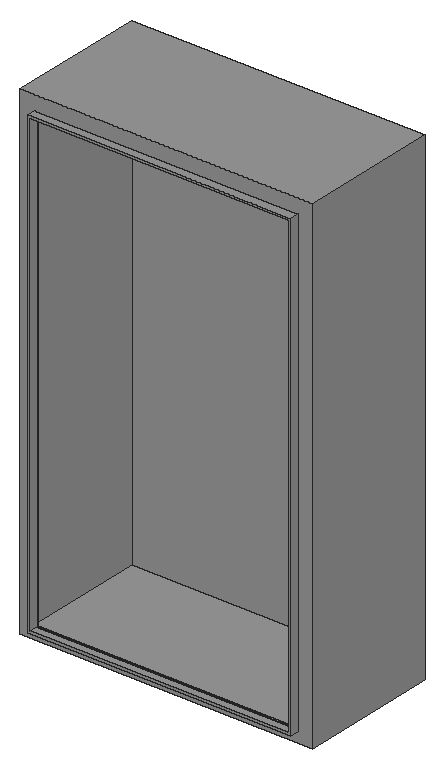
Revit family "Hager-Univers-IP30-D161-3rows-Cl.II-FWB_encl_empty-NoHosted-CH-it", category Electrical Equipment, Revit 2020
Family settings
  Panel Configuration = Two Columns, Circuits Across
  Round Connector Dimension = Use Diameter
  Part Type = Panelboard
  Work Plane-Based = Yes
  Always vertical = Yes
  Cut with Voids When Loaded = No
  Shared = No
  Room Calculation Point = No
Parameters (values of type "A parete IP30 L300 A500 P161  - FWB31D1")
  Width Control [instance] = if([EF000008 - Larghezza] > Min Width, [EF000008 - Larghezza], Min Width)  # 300 mm
  Type Comments = [HG000003 - Gamma]  # "Univers"
  Thickness Door [instance] = if([EF009171 - spessore materiale porta/coperchio] > 3 mm, 3 mm, [EF009171 - spessore materiale porta/coperchio])  # 2 mm
  Seal Frame Offset [instance] = 17 mm  # constant formula
  Plinth Visibility [instance] = [HG000027 - Altezza dello zoccolo] > 0 mm  # no
  Min Width [instance] = 100 mm  # constant formula
  Min Depth [instance] = (2 * [EF009170 - spessore materiale scatola]) + 1 mm  # 5 mm
  Min Height [instance] = 100 mm  # constant formula
  Internal Frame Depth [instance] = (Door System Depth * 0.5)  # 9 mm
  Panel Name [instance] = ""  # (empty or 0)
  Model = ""
  HG000027 - Altezza dello zoccolo = 0 mm
  HG000026 - A pavimento = no
  HG000024 - Altezza della sezione inferiore = 600 mm
  HG000023 - Custodia a doppia sezione = no
  HG000016 - Visibilità delle porte nella vista 3D [instance] = yes
  HG000015 - Visibilità attraverso la porta [instance] = no
  HG000014 - Porta destra [instance] = yes
  HG000013 - Porta sinistra [instance] = not([HG000014 - Porta destra])  # no
  HG000012 - Angolo di apertura della porta [instance] = 30.00°
  HG000010 - Porte asimmetriche = no
  HG000009 - Porta doppia a battente = no
  HG000006 - Ad incasso = no
  HG000004 - Codice produttore = "FWB31D1"
  HG000003 - Gamma = "Univers"
  HG000002 - Con porta = no
  Frame Offset Bottom [instance] = 10 mm  # constant formula
  Frame Offset [instance] = 15 mm  # constant formula
  EF015940 - Coprire con rilascio di sovrapressione = no
  EF011959 - tipo di protezione (NEMA) = ""
  EF009554 - numero delle aperture per la piastra della flangia = 2
  EF009212 - esecuzione coperchio = "EV009916 - con taglio"
  EF009171 - spessore materiale porta/coperchio = 2 mm
  EF009170 - spessore materiale scatola = 2 mm
  EF008873 - corrente nominale (In) = 125 A
  EF007800 - adatto per parafulmine = no
  EF006306 - con serratura = no
  EF006244 - coperchio/porta trasparente = no
  EF005474 - grado di protezione (IP) = "EV006410 - IP30"
  EF004464 - tipo di porta = "EV000494 - senza"
  EF004427 - numero di moduli = 36
  EF004293 - resistenza agli urti = "EV006815 - IK09"
  EF003532 - adatto per uso esterno = no
  EF002950 - Numero moduli DIN = 12
  EF001613 - Integrità del circuito = "EV000494 - senza"
  EF001596 - Attacco Lampada = "EV000179 - acciaio"
  EF001131 - profondità interna = 156 mm
  EF001088 - possibilità di applicazione = yes
  EF000437 - numero di ingressi per conduttori = 4
  EF000339 - tipo di copertura = "EV000494 - senza"
  EF000266 - numero di file = 0
  EF000218 - profondità di incasso = 0 mm
  EF000118 - con piastra di montaggio = no
  EF000116 - numero RAL = "9010"
  EF000049 - profondità = 161 mm
  EF000040 - Altezza = 500 mm
  EF000008 - Larghezza = 300 mm
  EF000007 - colore = "EV000202 - bianco"
  EF000003 - Tipo di montaggio = "EV000384 - A parete"
  Door System Leaf Tolerance [instance] = 1.5 mm  # constant formula
  Door System Depth [instance] = 18 mm  # constant formula
  Door Height [instance] = Height Control - [HG000027 - Altezza dello zoccolo]  # 500 mm
  Description = ""
  Default Elevation = 1219.2 mm
  Connector Offset [instance] = Height Control / 2  # 250 mm
  Manufacturer = "Hager"  # constant formula
  Height Control [instance] = if([EF000040 - Altezza] > Min Height, [EF000040 - Altezza], Min Height)  # 500 mm
  Depth Control [instance] = if([EF000049 - profondità] > Min Depth, [EF000049 - profondità], Min Depth)  # 161 mm
  Bottom Top Plate Trim [instance] = 1.5 mm  # constant formula
  Plinth height Ctrl [instance] = if([HG000027 - Altezza dello zoccolo] > 0 mm, [HG000027 - Altezza dello zoccolo], 12 mm)  # 12 mm
Reference planes
  plane 1 "Center (Front/Back)": y = 0
  plane 2: z = 0
  plane 3 "Center (Left/Right)": x = 0
  plane 4: y = 0
  plane 5: y = 0
  plane 6: z = 0
  plane 7: x = -150
  plane 8: x = 150
  plane 9: x = 148
  plane 10: x = -148
  plane 11: z = 0
  plane 12: z = 2
  plane 13: y = -161
  plane 14: y = -2
  plane 15: x = 0
  plane 16: y = -143
  plane 17: y = -159
  plane 18: y = -141
  plane 19: x = -133
  plane 20: x = 133
  plane 21: z = 12
  plane 22: x = -133
  plane 23: x = 133
  plane 24: z = 0
  plane 25: z = 500
  plane 26: z = 500
  plane 27: z = 483
  plane 28: z = 498
Forms (mm)
  Extrusion 1, solid, material "Hager_Steel_RAL7035_Light_Grey", detail levels medium+fine
    sketch origin (-208.679, -4572, 0) x (-1, 0, 0) y (0, -1, 0)
      loop
        line (-58.679, -4429) -> (-358.679, -4429) -> (-358.679, -4572) -> (-58.679, -4572) -> (-58.679, -4429)
    from 0 to 500
  Extrusion 2, void
    sketch origin (-350.771, -161, 1219.2) x (1, 0, 0) y (0, 0, 1)
      loop
        line (202.771, -721.2) -> (202.771, -1217.2) -> (498.771, -1217.2) -> (498.771, -721.2) -> (202.771, -721.2)
    from -20 to -159
  Extrusion 3, void
    sketch origin (-290.084, -143, 1219.2) x (1, 0, 0) y (0, 0, 1)
      loop
        line (157.084, -1207.2) -> (423.084, -1207.2) -> (423.084, -736.2) -> (157.084, -736.2) -> (157.084, -1207.2)
    from 0 to -2
  Extrusion 4, solid, material "Hager_Steel_RAL7035_Light_Grey", visible <- "Plinth Visibility", detail levels medium+fine
    sketch origin (0, 0, 0) x (1, 0, 0) y (0, 1, 0)
      loop
        line (-150, 0) -> (-150, -143) -> (150, -143) -> (150, 0) -> (-150, 0)
    from 0 to 12 <- "Plinth height Ctrl"
  Extrusion 5, solid, material "Hager_Steel_RAL7035_Light_Grey", detail levels coarse
    sketch origin (0, 0, 0) x (1, 0, 0) y (0, 1, 0)
      loop
        line (-150, 0) -> (-150, -161) -> (150, -161) -> (150, 0) -> (-150, 0)
    from 0 to 500 <- "Height Control"
  Sweep 6, void
    path in 3D
      loop
        line (-150, -143, 12) -> (150, -143, 12) -> (150, 0, 12) -> (-150, 0, 12) -> (-150, -143, 12)
    profile origin (-150, -71.5, 12) x (1, 0, 0) y (0, 0, 1)
      loop
        line (0, 0) -> (0, -1.5) -> (1.5, -1.5)
        arc (1.5, -1.5) -> (1.061, -0.439) -> (0, 0) r 1.5
  Extrusion 7, solid, material "Hager_Steel_RAL7035_Light_Grey", detail levels fine
    sketch origin (-150, -143, 0) x (1, 0, 0) y (0, 0, 1)
      loop
        line (17, 12) -> (283, 12) -> (283, 483) -> (17, 483) -> (17, 12)
      loop
        line (15, 10) -> (285, 10) -> (285, 485) -> (15, 485) -> (15, 10)
    from 0 to 9 <- "Internal Frame Depth"
Cuts and joins
  Extrusion 2, Extrusion 3 cuts Extrusion 1
  Sweep 6 cuts Extrusion 4
Lines and regions (mm)
  Masking region 1
    outline origin (0, 0, 0) x (1, 0, 0) y (0, 1, 0)
      loop
        line (-150, 0) -> (-150, -161) -> (150, -161) -> (150, 0) -> (-150, 0)
  Masking region 2, detail levels coarse
    outline origin (-290.084, -143, 1219.2) x (-1, 0, 0) y (0, 0, 1)
      loop
        line (-440.084, -1219.2) -> (-140.084, -1219.2) -> (-140.084, -719.2) -> (-440.084, -719.2) -> (-440.084, -1219.2)
  Masking region 3, detail levels coarse
    outline origin (0, 0, 0) x (0, 1, 0) y (0, 0, 1)
      loop
        line (0, 0) -> (0, 500) -> (-161, 500) -> (-161, 0) -> (0, 0)
  Masking region 4, visible <- "Plinth Visibility", detail levels medium+fine
    outline origin (0, 0, 0) x (0, 1, 0) y (0, 0, 1)
      loop
        line (-1.5, 12) -> (-141.5, 12)
        arc (-141.5, 12) -> (-141.939, 10.939) -> (-143, 10.5) r 1.5
        line (-143, 10.5) -> (-143, 0) -> (0, 0) -> (0, 10.5)
        arc (0, 10.5) -> (-1.061, 10.939) -> (-1.5, 12) r 1.5
  Masking region 5, detail levels medium+fine
    outline origin (0, 0, 594.038) x (0, 1, 0) y (0, 0, 1)
      loop
        line (0, -594.038) -> (0, -94.038) -> (-143, -94.038) -> (-143, -594.038) -> (0, -594.038)
  Masking region 6, detail levels medium+fine
    outline origin (-359.7, -143, 1211.883) x (-1, 0, 0) y (0, 0, 1)
      loop
        line (-509.7, -1211.883) -> (-209.7, -1211.883) -> (-209.7, -711.883) -> (-509.7, -711.883) -> (-509.7, -1211.883)
  Masking region 7, visible <- "Plinth Visibility", detail levels medium+fine
    outline origin (-320.334, -143, 1041.368) x (-1, 0, 0) y (0, 0, 1)
      loop
        line (-470.334, -1041.368) -> (-170.334, -1041.368) -> (-170.334, -1030.868)
        arc (-170.334, -1030.868) -> (-171.394, -1030.429) -> (-171.834, -1029.368) r 1.5
        line (-171.834, -1029.368) -> (-468.834, -1029.368)
        arc (-468.834, -1029.368) -> (-469.273, -1030.429) -> (-470.334, -1030.868) r 1.5
        line (-470.334, -1030.868) -> (-470.334, -1041.368)
  sketch lines
    curve 1: line (-150, 0, 12) -> (-150, -143, 12)
    curve 2: line (-150, -143, 12) -> (150, -143, 12)
    curve 3: line (150, 0, 12) -> (-150, 0, 12)
    curve 4: line (150, -143, 12) -> (150, 0, 12)
Dimensions and locks
  locked: plane 1 "Center (Front/Back)" to plane 5
  "EF009170 - spessore materiale scatola": plane 7 to plane 10
  "EF009170 - spessore materiale scatola": plane 8 to plane 9
  equal spacing: plane 7, plane 3 "Center (Left/Right)", plane 8
  "Width Control": plane 7 to plane 8
  "Depth Control": plane 4 to plane 13
  "EF009170 - spessore materiale scatola": plane 4 to plane 14
  "Height Control": plane 25 to level
  "HG000027 - Altezza dello zoccolo": plane 11 to level
  "EF009170 - spessore materiale scatola": plane 12 to plane 11
  "EF009170 - spessore materiale scatola": plane 17 to plane 13
  "EF009170 - spessore materiale scatola": plane 18 to plane 16
  "Frame Offset Bottom": plane 21 to plane 12
  "Frame Offset": plane 10 to plane 19
  "Frame Offset": plane 9 to plane 20
  "Door System Depth": plane 16 to plane 13
  "Seal Frame Offset": plane 7 to plane 22
  "Seal Frame Offset": plane 8 to plane 23
  "EF009170 - spessore materiale scatola": plane 26 to plane 28
  "Frame Offset": plane 28 to plane 27
  "Connector Offset": plane 2 to connector elem
  "Bottom Top Plate Trim": profile plane to Sweep 6 sketch curve
  "Bottom Top Plate Trim": Sweep 6 sketch curve to Sweep 6 sketch curve
  "Plinth height Ctrl": Masking region 4 sketch curve to level
  "Plinth height Ctrl": Masking region 7 sketch curve to level
  "Thickness Door": Extrusion 7 sketch curve to Extrusion 7 sketch curve  (x4)
  "Bottom Top Plate Trim": radius of Sweep 6 sketch curve
  "Bottom Top Plate Trim": radius of Masking region 4 sketch curve  (x2)
  "Bottom Top Plate Trim": radius of Masking region 7 sketch curve  (x2)
  aligned and locked: plane 12 to Extrusion 2 sketch curve
  aligned and locked: Extrusion 2 sketch curve to plane 9
  aligned and locked: Extrusion 2 sketch curve to plane 10
  aligned and locked: plane 14 to Extrusion 2
  aligned and locked: plane 4 to Extrusion 1 sketch curve
  aligned and locked: plane 8 to Extrusion 1 sketch curve
  aligned and locked: plane 7 to Extrusion 1 sketch curve
  aligned and locked: Extrusion 2 to plane 18
  aligned and locked: plane 19 to Extrusion 3 sketch curve
  aligned and locked: plane 20 to Extrusion 3 sketch curve
  aligned and locked: Extrusion 3 to Extrusion 2
  aligned and locked: Extrusion 3 sketch curve to plane 21
  aligned and locked: plane 3 "Center (Left/Right)" to nested 1
  aligned and locked: Extrusion 1 sketch curve to plane 16
  aligned and locked: Extrusion 4 sketch curve to cut or joined group of Extrusion 1, Extrusion 2, Extrusion 3
  aligned and locked: Masking region 1 sketch curve to plane 7
  aligned and locked: Masking region 1 sketch curve to plane 5
  aligned and locked: Masking region 1 sketch curve to plane 8
  aligned and locked: Masking region 2 sketch curve to level
  aligned and locked: level to Masking region 3 sketch curve
  aligned and locked: plane 1 "Center (Front/Back)" to Masking region 3 sketch curve
  aligned and locked: plane 13 to Masking region 3 sketch curve
  aligned and locked: plane 5 to Masking region 4 sketch curve
  aligned and locked: Masking region 2 sketch curve to plane 8
  aligned and locked: Masking region 2 sketch curve to plane 7
  aligned and locked: plane 7 to nested 2
  aligned and locked: nested 2 to plane 5
  aligned and locked: plane 5 to Masking region 5 sketch curve
  aligned and locked: plane 26 to Masking region 5 sketch curve
  aligned and locked: Extrusion 5 sketch curve to plane 8
  aligned and locked: Extrusion 5 sketch curve to plane 7
  aligned and locked: Extrusion 5 sketch curve to plane 5
  aligned and locked: plane 27 to Extrusion 3 sketch curve
  aligned and locked: Extrusion 2 sketch curve to plane 28
  aligned and locked: Masking region 2 to plane 25
  aligned and locked: Extrusion 4 to plane 16
  aligned and locked: profile plane to Sweep 6 sketch curve
  aligned and locked: Masking region 5 sketch curve to plane 24
  aligned and locked: level to Masking region 4 sketch curve
  aligned and locked: Masking region 1 to plane 13
  aligned and locked: nested 1 to plane 16
  aligned and locked: Masking region 3 to plane 25
  aligned and locked: plane 16 to Masking region 4 sketch curve
  aligned and locked: Masking region 5 sketch curve to plane 16
  aligned and locked: plane 24 to plane 11
  aligned and locked: plane 26 to plane 25
  aligned and locked: plane 26 to cut or joined group of Extrusion 1, Extrusion 2, Extrusion 3
  aligned and locked: nested 1 to plane 24
  aligned and locked: Extrusion 1 to Extrusion 3
  aligned and locked: Masking region 6 sketch curve to plane 8
  aligned and locked: plane 24 to Masking region 6 sketch curve
  aligned and locked: Masking region 6 sketch curve to plane 7
  aligned and locked: Masking region 6 sketch curve to plane 26
  aligned and locked: Masking region 7 sketch curve to plane 7
  aligned and locked: level to Masking region 7 sketch curve
  aligned and locked: Masking region 7 sketch curve to plane 8
  aligned and locked: Extrusion 7 sketch curve to cut or joined group of Extrusion 1, Extrusion 2, Extrusion 3  (x4)
Automatic sketch dimensions
  plane 19 to Extrusion 3 sketch curve = 0 mm
  Extrusion 3 sketch curve to plane 20 = 0 mm
  Extrusion 3 sketch curve to plane 21 = 0 mm
  Extrusion 4 sketch curve to plane 7 = 0 mm
  Extrusion 4 sketch curve to plane 8 = 0 mm
  Extrusion 4 sketch curve to plane 16 = 0 mm
  Masking region 1 sketch curve to plane 13 = 0 mm
  Masking region 2 sketch curve to plane 25 = 0 mm
  Masking region 3 sketch curve to plane 25 = 0 mm
  Extrusion 5 sketch curve to plane 13 = 0 mm
  profile plane to Sweep 6 sketch curve = 0 mm
Nested families
  nested 1: "EC000058_Univers_Door" at (0, -143, 0), Double <- "HG000009 - Porta doppia a battente", Transparent <- "EF006244 - coperchio/porta trasparente", Angle <- "HG000012 - Angolo di apertura della porta", Door_Right <- "HG000014 - Porta destra", Assymetrical <- "HG000010 - Porte asimmetriche", Door <- "HG000002 - Con porta", Width_Ctrl <- "Width Control", 3d_Door <- "HG000016 - Visibilità delle porte nella vista 3D", Clearance <- "HG000015 - Visibilità attraverso la porta", Door_Left <- "HG000013 - Porta sinistra", Width <- "Width Control", Door_Depth <- "Door System Depth", Leaf_Tolerance <- "Door System Leaf Tolerance", Height <- "Door Height", Lock_Visibility <- "EF006306 - con serratura", Thickness <- "Thickness Door", type "EC000058_Univers_Door", detail levels medium+fine
    with min_wh 5 mm, Width_Ctrl 300 mm, Width 300 mm, Transparent no, Thickness 2 mm, Seal_Material Hager_Rubber, Lock_Visibility no, Lock_Material Hager_Plastic_RAL9005_Jet_Black, Leaf_Width 300 mm, Leaf_Tolerance_External_Sides 0 mm, Leaf_Tolerance 1.5 mm, Leaf_Offset 0 mm, Leaf_Height 497 mm, Leaf_2_Width 300 mm, Leaf_2_Offset 150 mm, Leaf_1_Width 300 mm, Leaf_1_Offset 150 mm, Height_Ctrl 500 mm, Height 500 mm, Glass_Material Hager_Glass, Double_Clearance_Ctrl no, Double no, Door_Right_Ctrl no, Door_Right yes, Door_Material Hager_Steel_RAL7035_Light_Grey, Door_Left_Ctrl no, Door_Left no, Door_Depth 18 mm, Door no, Clearance_Material Hager_Clearance, Clearance_Depth 300 mm, Clearance_Ctrl no, Clearance no, Assymetrical no, Angle 30.00°, 3d_Door yes
  nested 2: "Hager_Enclosure_Symbol" at (-150, 0, 0), Height <- "Depth Control", Width <- "Width Control", type "Hager_Enclosure_Symbol"
    with Width_Ctrl 300 mm, Width 300 mm, Height_Ctrl 161 mm, Height 161 mm, A_Width_Int 10.566 mm, A_Width 126.788 mm, A_Height_Ctrl 140.875 mm, A_Height 140.875 mm
Connectors
  electrical at (0, 0, 250)
    settings: on plane 1 "Center (Front/Back)", index 1, voltage 0 V, apparent load 0 VA, apparent load phase1 0 VA, apparent load phase2 0 VA, apparent load phase3 0 VA, power factor 1, load classification "Other", number of poles 1, system type 30, power factor state 1, is connector primary yes, connector utility no, sub classification motor no, connector description ""
Definition of nested family "EC000058_Univers_Door"
  Parameters (values of type "EC000058_Univers_Door")
    min_wh [instance] = (2 * Thickness) + 1 mm  # 11 mm
    Width_Ctrl [instance] = 400 mm
    Width [instance] = 500 mm
    Transparent [instance] = yes
    Thickness [instance] = 5 mm
    Seal_Material [instance] = none
    Lock_Visibility [instance] = yes
    Lock_Material [instance] = none
    Leaf_Width [instance] = if((Width_Ctrl - 2 * Leaf_Tolerance_External_Sides) > 0 mm, (Width_Ctrl - 2 * Leaf_Tolerance_External_Sides), min_wh)  # 400 mm
    Leaf_Tolerance_External_Sides [instance] = 0 mm  # constant formula
    Leaf_Tolerance [instance] = 1.5 mm
    Leaf_Offset [instance] = 0 mm  # constant formula
    Leaf_Height [instance] = if((Height_Ctrl - 2 * Leaf_Tolerance) > 0 mm, (Height_Ctrl - 2 * Leaf_Tolerance), min_wh)  # 497 mm
    Leaf_2_Width [instance] = if(and(and(Double, Assymetrical), Door_Left), (Leaf_Width / 3) - (Leaf_Tolerance / 2), if(and(and(Double, Assymetrical), Door_Right), (Leaf_Width / 3) * 2 - (Leaf_Tolerance / 2), if(and(Double, not(Assymetrical)), (Leaf_Width / 2) - Leaf_Tolerance, Leaf_Width)))  # 400 mm
    Leaf_2_Offset [instance] = if(and(Double, Assymetrical), Leaf_2_Width / 2, if(and(Double, not(Assymetrical)), Leaf_Width / 4, Leaf_Width / 2))  # 200 mm
    Leaf_1_Width [instance] = if(and(and(Double, Assymetrical), Door_Right), (Leaf_Width / 3) - (Leaf_Tolerance / 2), if(and(and(Double, Assymetrical), Door_Left), (Width / 3) * 2 - (Leaf_Tolerance / 2), if(and(Double, not(Assymetrical)), (Leaf_Width / 2) - Leaf_Tolerance, Leaf_Width)))  # 400 mm
    Leaf_1_Offset [instance] = if(and(Double, Assymetrical), Leaf_1_Width / 2, if(and(Double, not(Assymetrical)), Leaf_Width / 4, Leaf_Width / 2))  # 200 mm
    Height_Ctrl [instance] = if(Height > min_wh, Height, min_wh)  # 500 mm
    Height [instance] = 500 mm
    Glass_Material [instance] = none
    Double_Clearance_Ctrl [instance] = and(Double, Clearance)  # no
    Double [instance] = no
    Door_Right_Ctrl [instance] = and(or(Door_Right, Double), Door)  # yes
    Door_Right [instance] = yes
    Door_Material [instance] = none
    Door_Left_Ctrl [instance] = and(or(Door_Left, Double), Door)  # no
    Door_Left [instance] = no
    Door_Depth [instance] = 30 mm
    Door [instance] = yes
    Default Elevation = 1219.2 mm
    Clearance_Material [instance] = none
    Clearance_Depth [instance] = if(Leaf_1_Width > Leaf_2_Width, Leaf_1_Width, Leaf_2_Width)  # 400 mm
    Clearance_Ctrl [instance] = and(not(Double), Clearance)  # yes
    Clearance [instance] = yes
    Assymetrical [instance] = yes
    Angle [instance] = 30.00°
    3d_Door [instance] = yes
  Reference planes
    plane 1 "Center (Front/Back)": y = 0
    plane 2 "Bottom": z = 0
    plane 3 "Center (Left/Right)": x = 0
    plane 4: z = 500
    plane 5: x = -200
    plane 6: x = 200
    plane 7: z = 500
    plane 8: x = -200
    plane 9: z = 0
    plane 10: x = 200
    plane 11: y = 0
    plane 12: z = 1.5
    plane 13: x = -600
    plane 14: y = -400
    plane 15: x = 600
    plane 16: x = 0
    plane 17: x = 0
    plane 18: x = -200
    plane 19: x = 200
    plane 20: z = 498.5
  Forms (mm)
    Extrusion 1, solid, material <- "Clearance_Material", visible <- "Double_Clearance_Ctrl"
      sketch origin (1200, 0, 0) x (1, 0, 0) y (0, 0, -1)
        loop
          line (-1800, -498.5) -> (-600, -498.5) -> (-600, 0) -> (-1800, 0) -> (-1800, -498.5)
      from 0 to -400
  Dimensions and locks
    equal spacing: plane 5, plane 3 "Center (Left/Right)", plane 6
    "Width_Ctrl": plane 5 to plane 6
    "Leaf_Offset": plane 5 to plane 8
    "Leaf_Offset": plane 6 to plane 10
    "Leaf_Offset": plane 9 to level
    "Leaf_Offset": plane 4 to plane 7
    "Height_Ctrl": plane 4 to level
    "Leaf_Tolerance": plane 12 to plane 9
    locked: plane 11 to plane 1 "Center (Front/Back)"
    "Leaf_1_Offset": plane 18 to plane 16
    "Leaf_2_Offset": plane 17 to plane 19
    "Leaf_1_Width": plane 13 to plane 8
    "Leaf_2_Width": plane 10 to plane 15
    "Clearance_Depth": plane 14 to plane 1 "Center (Front/Back)"
    "Leaf_Tolerance_External_Sides": plane 8 to plane 18
    "Leaf_Tolerance_External_Sides": plane 19 to plane 10
    "Leaf_Tolerance": plane 7 to plane 20
    aligned and locked: level to plane 2 "Bottom"
    aligned and locked: nested 1 to plane 16
    aligned and locked: nested 2 to plane 17
    aligned and locked: Extrusion 1 to plane 13
    aligned and locked: plane 15 to Extrusion 1
    aligned and locked: Extrusion 1 to plane 14
    aligned and locked: plane 12 to nested 1
    aligned and locked: nested 2 to plane 12
    aligned and locked: Extrusion 1 to plane 11
    aligned and locked: plane 20 to Extrusion 1
    aligned and locked: nested 2 to plane 11
    aligned and locked: nested 1 to plane 11
  Automatic sketch dimensions
    Extrusion 1 sketch curve to level = 0 mm
    plane 5 to Extrusion 1 sketch curve = 400 mm
    plane 6 to Extrusion 1 sketch curve = 400 mm
    Extrusion 1 sketch curve to plane 4 = 1.5 mm
  Nested families
    nested 1: "EC000058_Univers_Door_Leaf" at (0, 0, 1.5), Width <- "Leaf_1_Width", visible <- "Door_Left_Ctrl", Leaf_Height <- "Leaf_Height", Angle <- "Angle", 3d_Door <- "3d_Door", Transparent <- "Transparent", Clearance Material <- "Clearance_Material", Clearance <- "Clearance_Ctrl", Door_Material <- "Door_Material", Glass_Material <- "Glass_Material", Door_Depth <- "Door_Depth", Lock_Material <- "Lock_Material", Seal_Material <- "Seal_Material", Lock_Visibility <- "Lock_Visibility", Thickness <- "Thickness", type "EC000058_Univers_Door_Leaf"
      with Width 400 mm, Transparent_Glass_Offset 30 mm, Transparent_Ctrl yes, Transparent yes, Thickness 5 mm, Standard no, Seal_Material none, Seal_D2 8 mm, Seal_D1 1 mm, Offset_Internal_Frame 10 mm, Lock_Width 20 mm, Lock_Visibility_3d yes, Lock_Visibility yes, Lock_Thickness_3 3 mm, Lock_Thickness_2 1 mm, Lock_Thickness_1 3 mm, Lock_Radius_Offset_2 16 mm, Lock_Radius_Offset_1 15 mm, Lock_Radius_2 5 mm, Lock_Radius 6 mm, Lock_Offset 5 mm, Lock_Material none, Lock_Height 80 mm, Lock_Cover_Top_Offset_2d 17 mm, Lock_Cover_Height -65 mm, Leaf_Height 497 mm, Internal_Seal_Thickness 8 mm, Internal_Seal_Depth_2 4.5 mm, Internal_Frame_Depth 25 mm, Glass_Thickness -1 mm, Glass_Offset -2 mm, Glass_Material none, Door_Material none, Door_Depth 30 mm, Clearance Material none, Clearance yes, Angle_Ctrl 30.00°, Angle 30.00°, 3d_Door yes
    nested 2: "EC000058_Univers_Door_Leaf" at (0, 0, 1.5) x (-1, 0, 0) z (0, 0, 1), Width <- "Leaf_2_Width", visible <- "Door_Right_Ctrl", Leaf_Height <- "Leaf_Height", Angle <- "Angle", 3d_Door <- "3d_Door", Transparent <- "Transparent", Clearance Material <- "Clearance_Material", Clearance <- "Clearance_Ctrl", Door_Material <- "Door_Material", Glass_Material <- "Glass_Material", Door_Depth <- "Door_Depth", Lock_Material <- "Lock_Material", Seal_Material <- "Seal_Material", Lock_Visibility <- "Lock_Visibility", Thickness <- "Thickness", type "EC000058_Univers_Door_Leaf"
      with Width 400 mm, Transparent_Glass_Offset 30 mm, Transparent_Ctrl yes, Transparent yes, Thickness 5 mm, Standard no, Seal_Material none, Seal_D2 8 mm, Seal_D1 1 mm, Offset_Internal_Frame 10 mm, Lock_Width 20 mm, Lock_Visibility_3d yes, Lock_Visibility yes, Lock_Thickness_3 3 mm, Lock_Thickness_2 1 mm, Lock_Thickness_1 3 mm, Lock_Radius_Offset_2 16 mm, Lock_Radius_Offset_1 15 mm, Lock_Radius_2 5 mm, Lock_Radius 6 mm, Lock_Offset 5 mm, Lock_Material none, Lock_Height 80 mm, Lock_Cover_Top_Offset_2d 17 mm, Lock_Cover_Height -65 mm, Leaf_Height 497 mm, Internal_Seal_Thickness 8 mm, Internal_Seal_Depth_2 4.5 mm, Internal_Frame_Depth 25 mm, Glass_Thickness -1 mm, Glass_Offset -2 mm, Glass_Material none, Door_Material none, Door_Depth 30 mm, Clearance Material none, Clearance yes, Angle_Ctrl 30.00°, Angle 30.00°, 3d_Door yes
  Definition of nested family "EC000058_Univers_Door_Leaf"
    Parameters (values of type "EC000058_Univers_Door_Leaf")
      Width [instance] = 2000 mm
      Transparent_Glass_Offset [instance] = 30 mm
      Transparent_Ctrl [instance] = and(Transparent, [3d_Door])  # yes
      Transparent [instance] = yes
      Thickness [instance] = 5 mm
      Standard [instance] = and(not(Transparent), [3d_Door])  # no
      Seal_Material [instance] = none
      Seal_D2 [instance] = 8 mm  # constant formula
      Seal_D1 [instance] = 1 mm  # constant formula
      Offset_Internal_Frame [instance] = 10 mm  # constant formula
      Lock_Width [instance] = 20 mm  # constant formula
      Lock_Visibility_3d [instance] = and(Lock_Visibility, [3d_Door])  # yes
      Lock_Visibility [instance] = yes
      Lock_Thickness_3 [instance] = 3 mm  # constant formula
      Lock_Thickness_2 [instance] = 1 mm  # constant formula
      Lock_Thickness_1 [instance] = 3 mm  # constant formula
      Lock_Radius_Offset_2 [instance] = Lock_Radius_Offset_1 + 1 mm  # 16 mm
      Lock_Radius_Offset_1 [instance] = 15 mm  # constant formula
      Lock_Radius_2 [instance] = Lock_Radius - 1 mm  # 5 mm
      Lock_Radius [instance] = 6 mm  # constant formula
      Lock_Offset [instance] = 5 mm  # constant formula
      Lock_Material [instance] = none
      Lock_Height [instance] = 80 mm  # constant formula
      Lock_Cover_Top_Offset_2d [instance] = Lock_Radius_Offset_2 + 1 mm  # 17 mm
      Lock_Cover_Height [instance] = -(Lock_Height - Lock_Radius_Offset_1)  # -65 mm
      Leaf_Height [instance] = 2720.336 mm
      Internal_Seal_Thickness [instance] = 8 mm  # constant formula
      Internal_Seal_Depth_2 [instance] = 4.5 mm  # constant formula
      Internal_Frame_Depth [instance] = if(Door_Depth - Thickness > 5 mm, Door_Depth - Thickness, 5 mm)  # 25 mm
      Glass_Thickness [instance] = if(Thickness > 15 mm, Glass_Offset + 10 mm, -1 mm)  # -1 mm
      Glass_Offset [instance] = if(Thickness > 15 mm, -(Thickness + 10 mm) / 2, -2 mm)  # -2 mm
      Glass_Material [instance] = none
      Door_Material [instance] = none
      Door_Depth [instance] = 30 mm
      Default Elevation = 0 mm
      Clearance Material [instance] = none
      Clearance [instance] = yes
      Angle_Ctrl [instance] = if(Angle > 180.00°, 180.00°, Angle)  # 90.00°
      Angle [instance] = 90.00°
      3d_Door [instance] = yes
    Reference planes
      plane 1 "Center (Front/Back)": y = 0
      plane 2: z = 0
      plane 3 "Center (Left/Right)": x = 0
      plane 4: y = 2000
      plane 5: x = -1000
      plane 6: x = 1000
      plane 7: x = -3000
      plane 8: z = 2720.336
      plane 9: z = 30
      plane 10: z = 2690.336
      plane 11: x = 970
      plane 12: x = -970
      plane 13: y = -3
      plane 14: z = 107.833
      plane 15: y = -5
      plane 16: y = -223.314
      plane 17: x = -1000
      plane 18: z = 1360.168
      plane 19: y = 30
    Forms (mm)
      Extrusion 1, solid, material <- "Clearance Material", visible <- "Clearance"
        sketch origin (0, 0, 0) x (1, 0, 0) y (0, 0, 1)
          loop
            line (-3000, 2720.336) -> (-3000, 0) -> (1000, 0) -> (1000, 2720.336) -> (-3000, 2720.336)
        from 0 to -2000
      Extrusion 2, solid, material <- "Door_Material", visible <- "Standard", detail levels medium+fine
        sketch origin (-1000, 0, 0) x (0, 1, 0) y (-1, 0, 0)
          loop
            line (0, 30) -> (0, 25) -> (2000, 25) -> (2000, 30) -> (0, 30)
        from 0 to 2720.336 <- "Leaf_Height"
      Extrusion 3, solid, material <- "Door_Material", visible <- "Transparent_Ctrl", detail levels medium+fine
        sketch origin (-1000, 0, 0) x (0, 1, 0) y (-1, 0, 0)
          loop
            line (0, 25) -> (2000, 25) -> (2000, 30) -> (0, 30) -> (0, 25)
        from 0 to 2720.336 <- "Leaf_Height"
      Extrusion 4, void
        sketch origin (-1025, 2000, 0) x (0, 1, 0) y (0, 0, -1)
          loop
            line (-30, -2690.336) -> (-30, -30) -> (-1970, -30) -> (-1970, -2690.336) -> (-30, -2690.336)
        from 0 to 5 <- "Thickness"
      Sweep 5, solid, material <- "Seal_Material", visible <- "Transparent_Ctrl", detail levels fine
        path in 3D
          loop
            line (-1025, 30, 30) -> (-1025, 30, 2690.336) -> (-1025, 1970, 2690.336) -> (-1025, 1970, 30) -> (-1025, 30, 30)
        profile origin (-1025, 1000, 30) x (1, 0, 0) y (0, 0, 1)
          loop
            line (0, 0) -> (0, -8) -> (1, -8) -> (1, 0) -> (0, 0)
      Extrusion 6, solid, material <- "Glass_Material", visible <- "Transparent_Ctrl", detail levels medium+fine
        sketch origin (-1030, 0, 0) x (0, 1, 0) y (0, 0, -1)
          loop
            line (1970, -2690.336) -> (1970, -30) -> (30, -30) -> (30, -2690.336) -> (1970, -2690.336)
        from -2 <- "Glass_Offset" to -1 <- "Glass_Thickness"
      Extrusion 7, solid, material <- "Door_Material", visible <- "3d_Door", detail levels medium+fine
        sketch origin (-1025, 2000, 0) x (0, -1, 0) y (0, 0, -1)
          loop
            line (0, -2720.336) -> (2000, -2720.336) -> (2000, 0) -> (0, 0) -> (0, -2720.336)
          loop
            line (1995, -5) -> (5, -5) -> (5, -2715.336) -> (1995, -2715.336) -> (1995, -5)
        from 0 to 25 <- "Internal_Frame_Depth"
      Sweep 8, solid, material <- "Seal_Material", visible <- "Transparent_Ctrl", detail levels fine
        path in 3D
          loop
            line (-1025, 0, 0) -> (-1025, 2000, 0) -> (-1025, 2000, 2720.336) -> (-1025, 0, 2720.336) -> (-1025, 0, 0)
        profile origin (-1025, 0, 1360.168) x (1, 0, 0) y (0, 1, 0)
          loop
            line (0, 10) -> (2.975, 10)
            arc (2.975, 10) -> (4.053, 10.447) -> (4.5, 11.525) r 1.525
            line (4.5, 11.525) -> (4.5, 16.527)
            arc (4.5, 16.527) -> (4.069, 17.569) -> (3.027, 18) r 1.473
            line (3.027, 18) -> (0, 18) -> (0, 10)
      Extrusion 9, solid, material <- "Lock_Material", visible <- "Lock_Visibility_3d", detail levels fine
        sketch origin (-1030, 0, 0) x (0, 1, 0) y (0, 0, -1)
          loop
            arc (1993.5, -1400.168) -> (1994.561, -1399.729) -> (1995, -1398.668) r 1.5
            line (1995, -1398.668) -> (1995, -1320.168) -> (1975, -1320.168) -> (1975, -1398.668)
            arc (1975, -1398.668) -> (1975.439, -1399.729) -> (1976.5, -1400.168) r 1.5
            line (1976.5, -1400.168) -> (1993.5, -1400.168)
        from 3 <- "Lock_Thickness_1" to 0
      Blend 10, solid, material <- "Lock_Material", visible <- "Lock_Visibility_3d", detail levels fine
        base sketch origin (-1033, 0, 0) x (0, 1, 0) y (0, 0, -1)
          loop
            line (1975, -1320.168) -> (1975, -1398.668)
            arc (1975, -1398.668) -> (1975.439, -1399.729) -> (1976.5, -1400.168) r 1.5
            line (1976.5, -1400.168) -> (1993.5, -1400.168)
            arc (1993.5, -1400.168) -> (1994.561, -1399.729) -> (1995, -1398.668) r 1.5
            line (1995, -1398.668) -> (1995, -1320.168) -> (1975, -1320.168)
        top sketch origin (-1033, 0, 0) x (0, 1, 0) y (0, 0, -1)
          loop
            line (1976, -1320.168) -> (1976, -1398.668)
            arc (1976, -1398.668) -> (1976.146, -1399.022) -> (1976.5, -1399.168) r 0.5
            line (1976.5, -1399.168) -> (1993.5, -1399.168)
            arc (1993.5, -1399.168) -> (1993.854, -1399.022) -> (1994, -1398.668) r 0.5
            line (1994, -1398.668) -> (1994, -1320.168) -> (1976, -1320.168)
        from 0 to 1 <- "Lock_Thickness_2"
      Blend 11, solid, material <- "Lock_Material", visible <- "Lock_Visibility_3d", detail levels fine
        base sketch origin (-1034, 0, 0) x (0, 1, 0) y (0, 0, -1)
          loop
            line (1978, -1320.168) -> (1978, -1384.168)
            arc (1978, -1384.168) -> (1985, -1391.168) -> (1992, -1384.168) r 7
            line (1992, -1384.168) -> (1992, -1320.168) -> (1978, -1320.168)
        top sketch origin (-1034, 0, 0) x (0, 1, 0) y (0, 0, -1)
          loop
            line (1991, -1320.168) -> (1979, -1320.168) -> (1979, -1383.168)
            arc (1979, -1383.168) -> (1985, -1389.168) -> (1991, -1383.168) r 6
            line (1991, -1383.168) -> (1991, -1320.168)
        from 0 to 3 <- "Lock_Thickness_3"
      Extrusion 12, solid, material <- "Lock_Material", visible <- "Lock_Visibility_3d", detail levels fine
        sketch origin (-1030, 1975, 1320.168) x (1, 0, 0) y (0, -1, 0)
          loop
            line (-7, -19) -> (-7, -1) -> (0, -1) -> (0, 0) -> (-8, 0) -> (-8, -20) -> (0, -20) -> (0, -19) -> (-7, -19)
        from 0 to -65 <- "Lock_Cover_Height"
      Extrusion 13, void
        sketch origin (-1038, 1995, 1320.168) x (-1, 0, 0) y (0, 0, -1)
          loop
            line (-5, -65) -> (0, -65) -> (-5, -60) -> (-5, -65)
        from 0 to 20 <- "Lock_Width"
      Extrusion 14, void
        sketch origin (-1038, 1975, 1320.168) x (0, -1, 0) y (0, 0, -1)
          loop
            circle (-10, -15.995) r 6
          loop
            circle (-10, -15.995) r 5
        from 0 to 2
      Extrusion 15, solid, material <- "Lock_Material", visible <- "Lock_Visibility_3d", detail levels medium
        sketch origin (-1030, 0, 0) x (0, 1, 0) y (0, 0, -1)
          loop
            arc (1993.5, -1400.168) -> (1994.561, -1399.729) -> (1995, -1398.668) r 1.5
            line (1995, -1398.668) -> (1995, -1320.168) -> (1975, -1320.168) -> (1975, -1398.668)
            arc (1975, -1398.668) -> (1975.439, -1399.729) -> (1976.5, -1400.168) r 1.5
            line (1976.5, -1400.168) -> (1993.5, -1400.168)
        from 8 to 0
    Cuts and joins
      Extrusion 4 cuts Extrusion 3
      Extrusion 13, Extrusion 14 cuts Extrusion 9
      Extrusion 14 cuts Blend 11
      Extrusion 13, Extrusion 14 cuts Extrusion 12
      joined: Extrusion 9, Blend 10, Blend 11, Extrusion 12
      Extrusion 14 cuts Extrusion 15
    Lines and regions (mm)
      Masking region 1, visible <- "Lock_Visibility", detail levels fine
        outline origin (0, 0, 0) x (0, 1, 0) y (0, 0, 1)
          loop
            line (30, 1320.168) -> (33, 1320.168) -> (33, 1400.168) -> (30, 1400.168) -> (30, 1320.168)
      Masking region 2, visible <- "Lock_Visibility", detail levels fine
        outline origin (0, 3.143, 0) x (0, 1, 0) y (0, 0, 1)
          loop
            line (29.857, 1354.168) -> (30.857, 1354.168) -> (30.857, 1366.168) -> (29.857, 1366.168) -> (29.857, 1354.168)
      Masking region 3, detail levels medium+fine
        outline origin (0, 0, 0) x (0, 1, 0) y (0, 0, 1)
          loop
            line (0, 0) -> (30, 0) -> (30, 2720.336) -> (0, 2720.336) -> (0, 0)
      Masking region 4, detail levels medium+fine
        outline origin (0, 0, 0) x (1, 0, 0) y (0, 0, 1)
          loop
            line (-1000, 2720.336) -> (-1000, 0) -> (1000, 0) -> (1000, 2720.336) -> (-1000, 2720.336)
      Masking region 5, visible <- "Lock_Visibility", detail levels fine
        outline origin (-47.116, 0, 0) x (1, 0, 0) y (0, 0, 1)
          loop
            arc (1024.616, 1399.168) -> (1023.556, 1398.729) -> (1023.116, 1397.668) r 1.5
            line (1023.116, 1397.668) -> (1023.116, 1320.168) -> (1041.116, 1320.168) -> (1041.116, 1397.668)
            arc (1041.116, 1397.668) -> (1040.677, 1398.729) -> (1039.616, 1399.168) r 1.5
            line (1039.616, 1399.168) -> (1024.616, 1399.168)
      Masking region 6, visible <- "Lock_Visibility", detail levels medium+fine
        outline origin (-25, 0, 0) x (1, 0, 0) y (0, 0, 1)
          loop
            arc (1001.5, 1400.168) -> (1000.439, 1399.729) -> (1000, 1398.668) r 1.5
            line (1000, 1398.668) -> (1000, 1320.168) -> (1020, 1320.168) -> (1020, 1398.668)
            arc (1020, 1398.668) -> (1019.561, 1399.729) -> (1018.5, 1400.168) r 1.5
            line (1018.5, 1400.168) -> (1001.5, 1400.168)
      Masking region 7, visible <- "Lock_Visibility", detail levels fine
        outline origin (-73.735, 0, 0) x (1, 0, 0) y (0, 0, 1)
          loop
            line (1051.735, 1382.168) -> (1065.735, 1382.168) -> (1065.735, 1384.168)
            arc (1065.735, 1384.168) -> (1058.735, 1391.168) -> (1051.735, 1384.168) r 7
            line (1051.735, 1384.168) -> (1051.735, 1382.168)
      Masking region 8, visible <- "Lock_Visibility", detail levels fine
        outline origin (-73.735, 0, 0) x (1, 0, 0) y (0, 0, 1)
          loop
            line (1052.735, 1382.168) -> (1064.735, 1382.168) -> (1064.735, 1383.168)
            arc (1064.735, 1383.168) -> (1058.735, 1389.168) -> (1052.735, 1383.168) r 6
            line (1052.735, 1383.168) -> (1052.735, 1382.168)
      Masking region 9, visible <- "Lock_Visibility", detail levels fine
        outline origin (-25, 0, 0) x (1, 0, 0) y (0, 0, 1)
          loop
            line (1020, 1320.168) -> (1020, 1382.168) -> (1000, 1382.168) -> (1000, 1320.168) -> (1020, 1320.168)
      Masking region 10, detail levels medium+fine
        outline origin (0, 0, 0) x (1, 0, 0) y (0, 0, 1)
          loop
            circle (985, 1335.144) r 6
      Masking region 11, detail levels fine
        outline origin (0, 0, 0) x (1, 0, 0) y (0, 0, 1)
          loop
            circle (985, 1335.144) r 5
      Masking region 12, visible <- "Lock_Visibility", detail levels fine
        outline origin (0, 12.767, 0) x (0, 1, 0) y (0, 0, 1)
          loop
            line (20.233, 1320.168) -> (21.233, 1320.168) -> (21.233, 1399.168) -> (20.233, 1400.168) -> (20.233, 1320.168)
      Masking region 13, visible <- "Lock_Visibility", detail levels fine
        outline origin (0, 13.767, -10) x (0, 1, 0) y (0, 0, 1)
          loop
            line (20.233, 1330.168) -> (23.233, 1330.168) -> (23.233, 1399.168) -> (20.233, 1402.168) -> (20.233, 1330.168)
      Masking region 14, visible <- "Lock_Visibility", detail levels fine
        outline origin (0, 12.767, -10) x (0, 1, 0) y (0, 0, 1)
          loop
            line (20.233, 1330.168) -> (25.233, 1330.168) -> (25.233, 1399.305) -> (20.233, 1394.305) -> (20.233, 1330.168)
      Masking region 15, visible <- "Lock_Visibility", detail levels medium
        outline origin (0, 0, 0) x (0, 1, 0) y (0, 0, 1)
          loop
            line (30, 1320.168) -> (38, 1320.168) -> (38, 1400.168) -> (30, 1400.168) -> (30, 1320.168)
      Masking region 16, visible <- "Lock_Visibility", detail levels fine
        outline origin (-1000, 0, 0) x (0, 1, 0) y (-1, 0, 0)
          loop
            line (1975, 30) -> (1995, 30) -> (1995, 38) -> (1975, 38) -> (1975, 30)
          loop
            line (1979, 37) -> (1976, 37) -> (1976, 34) -> (1978, 34) -> (1979, 37)
          loop
            line (1994, 37) -> (1991, 37) -> (1992, 34) -> (1994, 34) -> (1994, 37)
      Masking region 17, visible <- "Lock_Visibility", detail levels medium
        outline origin (-1000, 0, 0) x (0, 1, 0) y (-1, 0, 0)
          loop
            line (1975, 30) -> (1995, 30) -> (1995, 38) -> (1975, 38) -> (1975, 30)
      symbolic lines
        curve 1: line (1000, 0, 0) -> (-3000, 0, 0)
        curve 2: arc (1000, 0, 0) -> (-1000, 2000, 0) -> (-3000, 0, 0) r 2000
        curve 4: line (-1030, 0, 0) -> (-1030, 2000, 0)
      reference lines
        curve 3: line (-1000, 0, 0) -> (-1000, 2000, 0)
      symbolic lines, detail levels medium+fine
        curve 5: line (-1030, 2000, 0) -> (-1025, 2000, 0)
        curve 7: line (-1025, 0, 0) -> (-1030, 0, 0)
        curve 8: line (-1025, 0, 0) -> (-1000, 0, 0)
        curve 9: line (-1000, 0, 0) -> (-1000, 2000, 0)
        curve 10: line (-1000, 2000, 0) -> (-1025, 2000, 0)
      symbolic lines, detail levels fine
        curve 6: line (-1025, 2000, 0) -> (-1025, 0, 0)
      sketch lines
        curve 11: line (-1025, 0, 2720.336) -> (-1025, 0, 0)
        curve 12: line (-1025, 2000, 0) -> (-1025, 0, 0)
        curve 13: line (-1025, 2000, 2720.336) -> (-1025, 2000, 0)
        curve 14: line (-1025, 0, 2720.336) -> (-1025, 2000, 2720.336)
        curve 15: line (-1025, 1970, 30) -> (-1025, 30, 30)
        curve 16: line (-1025, 30, 30) -> (-1025, 30, 2690.336)
        curve 17: line (-1025, 1970, 2690.336) -> (-1025, 1970, 30)
        curve 18: line (-1025, 30, 2690.336) -> (-1025, 1970, 2690.336)
      symbolic lines, visible <- "Transparent", detail levels medium+fine
        curve 19: line (-970, 0, 2690.336) -> (970, 0, 2690.336)
        curve 20: line (-970, 0, 30) -> (-970, 0, 2690.336)
        curve 21: line (970, 0, 30) -> (-970, 0, 30)
        curve 22: line (970, 0, 2690.336) -> (970, 0, 30)
    Dimensions and locks
      "Width": plane 1 "Center (Front/Back)" to plane 4
      equal spacing: plane 5, plane 3 "Center (Left/Right)", plane 6
      "Width": plane 5 to plane 6
      "Width": plane 7 to plane 5
      "Leaf_Height": plane 8 to level
      "Width": curve 5 to curve 3
      "Width": curve 3 to curve 3
      plane 8 to plane 10 = 30 mm
      plane 9 to level = 30 mm
      plane 12 to plane 5 = 30 mm
      plane 6 to plane 11 = 30 mm
      Extrusion 1 to Extrusion 4 sketch curve = 30 mm
      "Transparent_Glass_Offset": curve 3 to Extrusion 4 sketch curve
      "Transparent_Glass_Offset": Extrusion 4 sketch curve to cut or joined group of Extrusion 3, Extrusion 4  (x2)
      cut or joined group of Extrusion 3, Extrusion 4 to Extrusion 6 sketch curve = 30 mm
      "Transparent_Glass_Offset": cut or joined group of Extrusion 3, Extrusion 4 to Extrusion 4 sketch curve
      "Thickness": curve 6 to curve 4
      "Thickness": Extrusion 7 sketch curve to Extrusion 7 sketch curve  (x4)
      "Door_Depth": curve 4 to curve 3
      "Offset_Internal_Frame": profile plane to Sweep 8 sketch curve
      "Internal_Seal_Thickness": Sweep 8 sketch curve to Sweep 8 sketch curve
      "Internal_Seal_Depth_2": profile plane to Sweep 8 sketch curve
      "Seal_D1": profile plane to Sweep 5 sketch curve
      "Seal_D2": profile plane to Sweep 5 sketch curve
      "Thickness": Extrusion 2 sketch curve to Extrusion 2 sketch curve
      equal spacing: Extrusion 9 sketch curve, plane 18, Extrusion 9 sketch curve  (x2)
      equal spacing: Masking region 1 sketch curve, plane 18, Masking region 1 sketch curve
      "Lock_Height": Masking region 1 sketch curve to Masking region 1 sketch curve
      "Lock_Radius": Masking region 2 sketch curve to plane 18 to Masking region 2 sketch curve
      Masking region 2 sketch curve to Masking region 1 = 1 mm
      "Door_Depth": plane 19 to plane 1 "Center (Front/Back)"
      "Lock_Thickness_1": Masking region 1 sketch curve to plane 19
      "Lock_Width": Extrusion 9 sketch curve to Extrusion 9 sketch curve
      "Lock_Height": Extrusion 9 sketch curve to Extrusion 9 sketch curve
      "Lock_Offset": cut or joined group of Extrusion 3, Extrusion 4 to Extrusion 9 sketch curve
      equal spacing: plane 8, plane 18, level
      "Lock_Radius_Offset_1": Blend 11 sketch curve to Blend 10
      locked: Blend 10 to Blend 11 sketch curve at 2  (x2)
      locked: var sketch to Blend 11 sketch curve at 1  (x2)
      "Lock_Radius_Offset_2": Blend 11 sketch curve to Blend 10
      locked: Extrusion 12 sketch curve to Extrusion 12 sketch curve at 1  (x3)
      Masking region 6 sketch curve to Masking region 6 sketch curve = 80 mm
      "Lock_Height": Masking region 6 sketch curve to Masking region 6 sketch curve
      "Lock_Width": Masking region 6 sketch curve to Masking region 6 sketch curve
      locked: Masking region 6 to Masking region 5 sketch curve at 1  (x3)
      locked: Masking region 5 to Masking region 7 sketch curve at 2  (x2)
      "Lock_Radius_Offset_1": Masking region 5 to Masking region 7 sketch curve
      "Lock_Radius_Offset_2": Masking region 5 to Masking region 8 sketch curve
      locked: Masking region 7 to Masking region 8 sketch curve at 1  (x2)
      "Lock_Cover_Top_Offset_2d": Masking region 5 to Masking region 9 sketch curve
      equal spacing: Masking region 9, Masking region 10 sketch curve, Masking region 9
      equal spacing: Masking region 9, Masking region 11 sketch curve, Masking region 9
      Extrusion 15 sketch curve to Extrusion 15 sketch curve = 80 mm
      "Lock_Width": Extrusion 15 sketch curve to Extrusion 15 sketch curve
      "Lock_Height": Extrusion 15 sketch curve to Extrusion 15 sketch curve
      equal spacing: Extrusion 15 sketch curve, plane 18, Extrusion 15 sketch curve
      "Lock_Thickness_3": Masking region 13 sketch curve to Masking region 13 sketch curve
      "Lock_Height": Masking region 12 sketch curve to Masking region 12 sketch curve
      locked: Masking region 13 sketch curve to Masking region 1 at 8
      locked: Masking region 14 sketch curve to Masking region 13 at 1
      locked: Masking region 14 sketch curve to Masking region 1 at 10.863
      "Lock_Height": Masking region 15 sketch curve to Masking region 15 sketch curve
      "Lock_Offset": Extrusion 15 sketch curve to cut or joined group of Extrusion 3, Extrusion 4
      "Lock_Offset": plane 6 to Masking region 6 sketch curve
      radius of Sweep 8 sketch curve = 1.525 mm
      radius of Sweep 8 sketch curve = 1.473 mm
      radius of Extrusion 9 sketch curve = 1.5 mm  (x2)
      "Lock_Radius": radius of Extrusion 14 sketch curve
      "Lock_Radius_2": radius of Extrusion 14 sketch curve
      "Lock_Radius": radius of Masking region 10 sketch curve
      "Lock_Radius_2": radius of Masking region 11 sketch curve
      radius of Extrusion 15 sketch curve = 1.5 mm  (x2)
      "Angle_Ctrl": angle plane 1 "Center (Front/Back)" to curve 3
      locked: Masking region 12 sketch curve to Masking region 12 sketch curve (angle 45.00°)
      locked: Masking region 13 sketch curve to Masking region 13 sketch curve (angle 45.00°)
      locked: Masking region 14 sketch curve to Masking region 14 sketch curve (angle 45.00°)
      aligned and locked: level to plane 2
      aligned and locked: Extrusion 1 to curve 1
      aligned and locked: plane 6 to Extrusion 1
      aligned and locked: Extrusion 1 to plane 1 "Center (Front/Back)"
      aligned and locked: plane 4 to Extrusion 1
      aligned and locked: plane 8 to Extrusion 1
      aligned and locked: curve 7 to Extrusion 2 sketch curve
      aligned and locked: curve 5 to Extrusion 2 sketch curve
      aligned and locked: curve 7 to Extrusion 3 sketch curve
      aligned and locked: Extrusion 3 sketch curve to curve 4
      aligned and locked: Extrusion 3 sketch curve to curve 6
      aligned and locked: Extrusion 3 sketch curve to curve 5
      aligned and locked: curve 9 to curve 3
      aligned and locked: Extrusion 7 sketch curve to cut or joined group of Extrusion 3, Extrusion 4  (x4)
      aligned and locked: plane 17 to curve 3
      aligned and locked: plane 1 "Center (Front/Back)" to curve 3
      aligned and locked: plane 17 to plane 5
      aligned and locked: Sweep 8 sketch curve to profile plane
      aligned and locked: Sweep 5 sketch curve to profile plane  (x2)
      aligned and locked: Masking region 1 to Masking region 2 sketch curve
      aligned and locked: plane 19 to Masking region 1 sketch curve
      aligned and locked: plane 1 "Center (Front/Back)" to Masking region 3 sketch curve
      aligned and locked: plane 19 to Masking region 3 sketch curve
      aligned and locked: level to Masking region 3 sketch curve
      aligned and locked: Masking region 3 sketch curve to plane 8
      aligned and locked: plane 17 to Masking region 4 sketch curve
      aligned and locked: level to Masking region 4 sketch curve
      aligned and locked: Masking region 4 sketch curve to plane 8
      aligned and locked: plane 12 to curve 20
      aligned and locked: plane 10 to curve 19
      aligned and locked: plane 11 to curve 22
      aligned and locked: curve 21 to plane 9
      aligned and locked: Extrusion 2 sketch curve to cut or joined group of Extrusion 3, Extrusion 4
      aligned and locked: Blend 10 sketch curve to Extrusion 9  (x4)
      aligned and locked: Extrusion 9 to Blend 10 sketch curve
      aligned and locked: Blend 10 to Blend 11 sketch curve
      aligned and locked: Extrusion 12 sketch curve to Blend 11
      aligned and locked: Extrusion 12 sketch curve to Extrusion 9  (x4)
      aligned and locked: Masking region 5 sketch curve to Masking region 6
      aligned and locked: Masking region 9 sketch curve to Masking region 6  (x3)
      aligned and locked: Masking region 12 sketch curve to Masking region 1
      aligned and locked: Masking region 13 sketch curve to Masking region 1
      aligned and locked: Masking region 12 to Masking region 14
      aligned and locked: Masking region 14 sketch curve to Masking region 1
      aligned and locked: Masking region 15 sketch curve to Masking region 14
      aligned and locked: Masking region 13 sketch curve to Masking region 12
      aligned and locked: Masking region 16 sketch curve to cut or joined group of Extrusion 14, Extrusion 15  (x4)
      aligned and locked: Masking region 16 sketch curve to cut or joined group of Extrusion 9, Blend 10, Blend 11, Extrusion 12, Extrusion 13, Extrusion 14  (x6)
      aligned and locked: cut or joined group of Extrusion 9, Blend 10, Blend 11, Extrusion 12, Extrusion 13, Extrusion 14 to Masking region 16 sketch curve
      aligned and locked: Masking region 17 sketch curve to cut or joined group of Extrusion 14, Extrusion 15  (x3)
      aligned and locked: Masking region 17 sketch curve to cut or joined group of Extrusion 9, Blend 10, Blend 11, Extrusion 12, Extrusion 13, Extrusion 14
      aligned and locked: Masking region 9 to Masking region 8 sketch curve
      aligned and locked: Masking region 9 to Masking region 7 sketch curve
    Automatic sketch dimensions
      plane 1 "Center (Front/Back)" to curve 2 = 0 mm
      curve 2 to plane 5 = 0 mm
      Extrusion 1 sketch curve to level = 0 mm
      Extrusion 1 sketch curve to plane 7 = 0 mm
      Extrusion 1 sketch curve to plane 6 = 0 mm
      Extrusion 1 sketch curve to plane 8 = 0 mm
      Extrusion 3 to Extrusion 6 sketch curve = 30 mm  (x4)
      Masking region 4 sketch curve to plane 6 = 0 mm
      Blend 10 sketch curve to Extrusion 9 = 1.5 mm
      Blend 10 sketch curve to Extrusion 9 = 1 mm
      Extrusion 13 sketch curve to Extrusion 12 = 0 mm  (x2)
      Extrusion 12 to Extrusion 13 sketch curve = 3 mm
      Extrusion 13 sketch curve to Extrusion 12 = 5 mm
      Extrusion 14 sketch curve to Extrusion 14 sketch curve = 0 mm  (x2)
      Extrusion 14 sketch curve to Extrusion 12 = 10 mm
      Extrusion 14 sketch curve to Extrusion 12 = 15.995 mm
      Masking region 5 sketch curve to Masking region 5 sketch curve = 1.5 mm  (x2)
      Masking region 10 sketch curve to plane 18 = 25.024 mm
      Masking region 11 sketch curve to plane 18 = 25.024 mm
      plane 19 to Masking region 14 sketch curve = 3 mm
      Masking region 16 sketch curve to Masking region 16 sketch curve = 3 mm
      curve 4 to curve 3 = 0 mm
      Blend 10 to Blend 11 sketch curve = 0 mm
      Masking region 6 sketch curve to Masking region 6 sketch curve = 1.5 mm  (x2)
      Masking region 6 sketch curve to plane 18 = 40 mm
      plane 19 to Masking region 12 sketch curve = 3 mm
      Masking region 12 sketch curve to Masking region 12 sketch curve = 1 mm
      Masking region 15 sketch curve to plane 19 = 0 mm
      Masking region 15 sketch curve to plane 18 = 40 mm
      radius of Blend 10 sketch curve to Extrusion 9 = 1 mm
Definition of nested family "Hager_Enclosure_Symbol"
  Parameters (values of type "Hager_Enclosure_Symbol")
    Width_Ctrl [instance] = if(Width > 1 mm, Width, 1 mm)  # 102.27 mm
    Width [instance] = 102.27 mm
    Height_Ctrl [instance] = if(Height > 1 mm, Height, 1 mm)  # 66.5 mm
    A_Width_Int [instance] = if(A_Width / 12 > 2 mm, A_Width / 12, 2 mm)  # 4.364 mm
    A_Width [instance] = if(A_Height_Ctrl * 0.9 > 2 mm, A_Height_Ctrl * 0.9, 2 mm)  # 52.369 mm
    A_Height_Ctrl [instance] = if(A_Height > 2 mm, A_Height, 2 mm)  # 58.188 mm
    Height [instance] = 66.5 mm
    A_Height [instance] = Height - (Height / 8)  # 58.188 mm
  Reference planes
    plane 1 "Centre (avant/arrière)": y = 0
    plane 2: z = 0
    plane 3 "Centre (gauche/droite)": x = 0
    plane 4: x = 52.369
    plane 5: y = 33.042
    plane 6: y = 41.77
    plane 7: y = 66.5
    plane 8: x = 26.184
    plane 9: y = 37.406
    plane 10: x = 102.27
    plane 11: y = 66.5
    plane 12: y = 8.313
  Lines and regions (mm)
    Filled region 1, type "Solid_Black", in view "Niveau de réf."
      outline origin (0, 0, 0) x (1, 0, 0) y (0, 1, 0)
        loop
          line (52.369, 66.5) -> (33.188, 54.536) -> (45.365, 45.006) -> (52.369, 66.5)
    Filled region 2, type "Solid_Black", in view "Niveau de réf."
      outline origin (0, 0, 0) x (1, 0, 0) y (0, 1, 0)
        loop
          line (0, 0) -> (102.27, 0) -> (102.27, 66.5) -> (0, 0)
    detail lines, in view "Niveau de réf."
      curve 1: line (0, 8.313, 0) -> (26.184, 41.77, 0)
      curve 2: line (26.184, 41.77, 0) -> (26.184, 33.042, 0)
      curve 3: line (26.184, 33.042, 0) -> (52.369, 66.5, 0)
  Dimensions and locks
    "A_Width": plane 3 "Centre (gauche/droite)" to plane 4
    equal spacing: plane 3 "Centre (gauche/droite)", plane 8, plane 4
    equal spacing: plane 6, plane 9, plane 5
    equal spacing: curve 3, Filled region 1 sketch curve, Filled region 1 sketch curve
    "Height_Ctrl": plane 1 "Centre (avant/arrière)" to plane 11
    "A_Height_Ctrl": plane 11 to plane 12
    equal spacing: plane 11, plane 9, plane 12
    "A_Width_Int": plane 6 to plane 9
    "Width_Ctrl": plane 3 "Centre (gauche/droite)" to plane 10
    angle Filled region 1 sketch curve to curve 3 = 20.00°
    angle curve 3 to Filled region 1 sketch curve = 20.00°
    locked: curve 3 to Filled region 1 sketch curve (angle 90.00°)
    aligned and locked: plane 10 to Filled region 2
    aligned and locked: plane 11 to Filled region 2 sketch curve
    aligned and locked: plane 10 to Filled region 2 sketch curve
    aligned and locked: plane 3 "Centre (gauche/droite)" to curve 1
    aligned and locked: plane 12 to curve 1
    aligned and locked: plane 7 to plane 11
  Automatic sketch dimensions
    Filled region 1 sketch curve to plane 4 = 0 mm
    Filled region 1 sketch curve to plane 7 = 0 mm
    plane 1 "Centre (avant/arrière)" to Filled region 2 sketch curve = 0 mm
    Filled region 2 sketch curve to plane 3 "Centre (gauche/droite)" = 0 mm
    curve 2 to plane 6 = 0 mm
    curve 2 to plane 8 = 0 mm
    curve 3 to plane 4 = 0 mm
    curve 2 to plane 5 = 0 mm
    curve 3 to plane 7 = 0 mm
